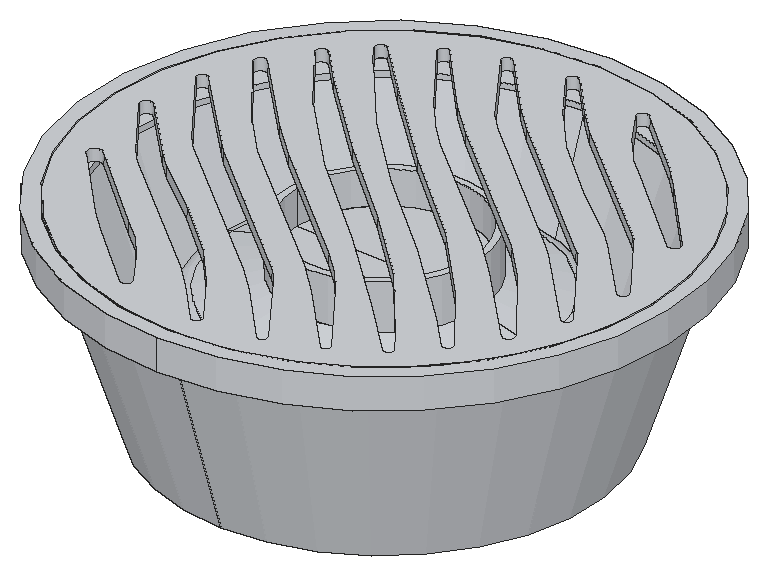
Revit family "Ralo_Conico", category Plumbing Fixtures, host Face, Revit 2025
Family settings
  Host = Face
  Round Connector Dimension = Use Radius
  Part Type = Normal
  Enable Cutting in Views = No
  Cut with Voids When Loaded = No
  Maintain Annotation Orientation = No
  Shared = No
  Room Calculation Point = No
Parameters (values of type "Branco c/ grelha branca - 100 x 40")
  URL = "http://www.tigre.com.br"
  Type Comments = ""
  Tigre: Marcador [instance] = "00"
  Tigre: Código com Separador [instance] = "27.25.882.4"
  Prolongamento [instance] = none
  Manufacturer = Tigre: Fabricante  # "© Tigre S/A"
  Grelha = yes
  Distância do Prolongador [instance] = 0.00 mm
  Tigre: Sistema = "Esgoto"  # constant formula
  Tigre: Norma = ""
  Tigre: Material = "Branco"
  Tigre: Link do Produto = "http://www.tigre.com.br/pt/produtos_unico.php?rcr_id=4&cpr_id=10&cpr_id_pai=4&lnh_id=11&prd_id=152"
  Tigre: Linha = "Caixas e Ralos"  # constant formula
  Tigre: Fabricante = "© Tigre S/A"  # constant formula
  Tigre: Descrição = "Ralo Cônico Montado - Branco c/ grelha branca 100 x 40mm, Esgoto - TIGRE"
  Tigre: Código = 27258824
  Tigre: Comentários [instance] = ""
  Raio Nominal = Diâmetro Nominal / 2  # 20.00 mm
  Raio 1 = 21.60 mm
  Prolongador [instance] = Distância do Prolongador > 0.00 mm  # no
  Model = ""
  Grelhas [instance] = none
  Diâmetro Nominal = 40.00 mm
  Description = Tigre: Descrição  # "Ralo Cônico Montado - Branco c/ grelha branca 100 x 40mm, Esgoto - TIGRE"
  Default Elevation = 0.00 mm
  Cota D2 = 51.50 mm
  Cota D1 = 48.75 mm
  Cota B = 18.50 mm
  Cota A = 37.00 mm
  Comprimento do Tubo [instance] = if(Distância do Prolongador > 0.00 mm, Distância do Prolongador, Distância do Prolongador + 1.00 mm)  # 1.00 mm
  Caixas e Ralos [instance] = none
Types (5, lengths in mm): name | Tigre: Código com Separador | Grelha | Tigre: Material | Tigre: Link do Produto | Tigre: Descrição | Tigre: Código | Description
  (no name) | "27.25.882.4" | yes | "Branco" | "http://www.tigre.com.br/pt/produtos_unico.php?rcr_id=4&cpr_id=10&cpr_id_pai=4&lnh_id=11&prd_id=152" | "Ralo Cônico Montado - Branco c/ grelha branca 100 x 40mm, Esgoto - TIGRE" | 27258824 | "Ralo Cônico Montado - Branco c/ grelha branca 100 x 40mm, Esgoto - TIGRE"
  Branco c/ grelha branca - 100 x 40 | "27.25.882.4" | yes | "Branco" | "http://www.tigre.com.br/pt/produtos_unico.php?rcr_id=4&cpr_id=10&cpr_id_pai=4&lnh_id=11&prd_id=152" | "Ralo Cônico Montado - Branco c/ grelha branca 100 x 40mm, Esgoto - TIGRE" | 27258824 | "Ralo Cônico Montado - Branco c/ grelha branca 100 x 40mm, Esgoto - TIGRE"
  Prata c/ grelha alumínio - 100 x 40 | "27.25.886.7" | yes | "Prata/Alumínio" | "http://www.tigre.com.br/pt/produtos_unico.php?rcr_id=4&cpr_id=10&cpr_id_pai=4&lnh_id=11&prd_id=152" | "Ralo Cônico Montado - Prata c/ grelha alumínio 100 x 40mm, Esgoto - TIGRE" | 27258867 | "Ralo Cônico Montado - Prata c/ grelha alumínio 100 x 40mm, Esgoto - TIGRE"
  Corpo Branco - 100 x 40 | "27.25.879.4" | no | "Branco" | "http://www.tigre.com.br/pt/produtos_unico.php?rcr_id=4&cpr_id=10&cpr_id_pai=4&lnh_id=11&prd_id=134" | "Corpo Ralo Sifonado Cônico - Branco 100 x 40mm, Esgoto - TIGRE" | 27258794 | "Corpo Ralo Sifonado Cônico - Branco 100 x 40mm, Esgoto - TIGRE"
  Corpo Prata - 100 x 40 | "27.25.881.6" | no | "Prata" | "http://www.tigre.com.br/pt/produtos_unico.php?rcr_id=4&cpr_id=10&cpr_id_pai=4&lnh_id=11&prd_id=134" | "Corpo Ralo Sifonado Cônico - Prata 100 x 40mm, Esgoto - TIGRE" | 27258816 | "Corpo Ralo Sifonado Cônico - Prata 100 x 40mm, Esgoto - TIGRE"
Reference planes
  plane 1 "Center (Front/Back)": y = 0
  plane 2: z = 0
  plane 3 "Center (Left/Right)": x = 0
  plane 4: z = -37
  plane 5: z = 0
  plane 6: z = -18.5
  plane 7: z = 0
  plane 8 "Base": z = -4.5
Forms (mm)
  Sweep 1, solid, material <- "Caixas e Ralos", detail levels fine
    path origin (0, 0, 0) x (1, 0, 0) y (0, 0, 1)
      loop
        line (0, 0) -> (0, -5.5)
    profile origin (0, 0, -2.75) x (0, -1, 0) y (1, 0, 0)
      loop
        circle (0, 0) r 48.75
      loop
        circle (0, 0) r 51.5
  Sweep 2, solid, material <- "Caixas e Ralos", detail levels fine
    path origin (0, 0, 0) x (1, 0, 0) y (0, 0, 1)
      loop
        line (0, -4.5) -> (0, -5.5)
    profile origin (0, 0, -5) x (0, -1, 0) y (1, 0, 0)
      loop
        circle (0, 0) r 48.75
      loop
        circle (0, 0) r 45
  SweptBlend 3, solid, material <- "Caixas e Ralos", detail levels fine
    path origin (0, 0, 0) x (1, 0, 0) y (0, 0, 1)
      loop
        line (0, -5.5) -> (0, -37)
    profile origin (0, 0, -5.5) x (0, -1, 0) y (1, 0, 0)
      loop
        circle (0, 0) r 47.454
    end profile origin (0, 0, -37) x (0, -1, 0) y (1, 0, 0)
      loop
        circle (0, 0) r 37.061
  SweptBlend 4, void
    path origin (0, 0, 0) x (1, 0, 0) y (0, 0, 1)
      loop
        line (0, -5.5) -> (0, -35)
    profile origin (0, 0, -5.5) x (0, -1, 0) y (1, 0, 0)
      loop
        circle (0, 0) r 45
    end profile origin (0, 0, -35) x (0, -1, 0) y (1, 0, 0)
      loop
        circle (0, 0) r 34.301
  Revolve 5, solid, material <- "Caixas e Ralos", detail levels fine
    sketch origin (0, 0, 0) x (1, 0, 0) y (0, 0, 1)
      loop
        line (0, -10) -> (-15.832, -10) -> (-15.832, -11.991) -> (-17.03, -11.991) -> (-27.32, -14.748)
        arc (-27.32, -14.748) -> (-29.993, -16.534) -> (-31.026, -19.578) r 5
        line (-31.026, -19.578) -> (-31.026, -35) -> (0, -35) -> (0, -10)
      axis (0, -10) -> (0, -35)
    angle from 0 to 360
  Revolve 6, void
    sketch origin (0, 0, 0) x (1, 0, 0) y (0, 0, 1)
      loop
        line (0, -37) -> (0, -19) -> (-19.194, -19) -> (-19.194, -20) -> (-20.059, -20) -> (-20.059, -28.5) -> (-22.564, -28.5) -> (-22.564, -37) -> (0, -37)
      axis (0, -19) -> (0, -37)
    angle from 0 to 360
  Sweep 7, solid, material <- "Caixas e Ralos", detail levels fine
    path origin (0, 0, 0) x (1, 0, 0) y (0, 0, 1)
      loop
        line (0, -11.991) -> (0, -4)
    profile origin (0, 0, -7.996) x (-1, 0, 0) y (0, -1, 0)
      loop
        circle (0, 0) r 17.03
      loop
        circle (0, 0) r 15.832
  Sweep 8, solid, material <- "Caixas e Ralos", visible <- "Prolongador", detail levels fine
    path origin (0, 0, -50) x (1, 0, 0) y (0, 0, 1)
      loop
        line (0, 50) -> (0, 44.5)
    profile origin (0, 0, -2.75) x (0, -1, 0) y (1, 0, 0)
      loop
        circle (0, 0) r 48.75
      loop
        circle (0, 0) r 51.5
  Sweep 9, solid, material <- "Caixas e Ralos", visible <- "Prolongador", detail levels fine
    path origin (0, 0, -50) x (1, 0, 0) y (0, 0, 1)
      loop
        line (0, 45.5) -> (0, 44.5)
    profile origin (0, 0, -5) x (0, -1, 0) y (1, 0, 0)
      loop
        circle (0, 0) r 48.75
      loop
        circle (0, 0) r 45
  Extrusion 10, solid, material <- "Grelhas", visible <- "Grelha", detail levels fine
    sketch origin (0, 0, 0) x (1, 0, 0) y (0, 1, 0)
      loop
        arc (14.498, 41.971) -> (13.122, 41.959) -> (12.966, 40.591) r 1.039
        line (12.966, 40.591) -> (17.155, 34.609)
        arc (17.155, 34.609) -> (20.381, 30.764) -> (24.226, 27.538) r 28.794
        arc (24.226, 27.538) -> (32.154, 21.349) -> (39.398, 14.373) r 96.922
        arc (39.398, 14.373) -> (41.152, 14.314) -> (41.212, 16.068) r 1.241
        line (41.212, 16.068) -> (29.737, 28.373)
        arc (29.737, 28.373) -> (27.964, 30.178) -> (26.098, 31.888) r 48.331
        line (26.098, 31.888) -> (14.498, 41.971)
      loop
        arc (0.048, 44.046) -> (-1.264, 44.135) -> (-1.44, 42.832) r 0.962
        arc (-1.44, 42.832) -> (1.576, 38.639) -> (4.631, 34.475) r 542.781
        arc (4.631, 34.475) -> (7.451, 30.992) -> (10.559, 27.764) r 52.299
        arc (10.559, 27.764) -> (15.445, 23.33) -> (20.543, 19.141) r 134.146
        line (20.543, 19.141) -> (30.086, 11.685)
        arc (30.086, 11.685) -> (31.543, 10.462) -> (32.912, 9.14) r 27.259
        line (32.912, 9.14) -> (42.654, -0.948)
        arc (42.654, -0.948) -> (44.058, -1.017) -> (44.215, 0.38) r 1.027
        line (44.215, 0.38) -> (35.984, 11.401)
        arc (35.984, 11.401) -> (34.868, 12.727) -> (33.608, 13.916) r 15
        line (33.608, 13.916) -> (10.653, 33.178)
        arc (10.653, 33.178) -> (8.552, 35.053) -> (6.569, 37.053) r 46.107
        line (6.569, 37.053) -> (0.048, 44.046)
      loop
        arc (-10.593, 42.459) -> (-11.852, 42.541) -> (-12.012, 41.289) r 0.921
        line (-12.012, 41.289) -> (-2.641, 28.392)
        arc (-2.641, 28.392) -> (-1.383, 26.865) -> (0.053, 25.503) r 16.207
        line (0.053, 25.503) -> (26.307, 3.473)
        arc (26.307, 3.473) -> (27.253, 2.636) -> (28.155, 1.75) r 24.143
        line (28.155, 1.75) -> (41.207, -11.766)
        arc (41.207, -11.766) -> (42.497, -11.829) -> (42.642, -10.545) r 0.944
        line (42.642, -10.545) -> (32.074, 3.606)
        arc (32.074, 3.606) -> (31.234, 4.604) -> (30.285, 5.499) r 11.29
        line (30.285, 5.499) -> (3.161, 28.259)
        arc (3.161, 28.259) -> (0.871, 30.303) -> (-1.29, 32.482) r 50.253
        line (-1.29, 32.482) -> (-10.593, 42.459)
      loop
        arc (-19.345, 38.969) -> (-20.553, 39.045) -> (-20.694, 37.843) r 0.88
        line (-20.694, 37.843) -> (-11.188, 25.114)
        arc (-11.188, 25.114) -> (-7.559, 20.799) -> (-3.456, 16.931) r 48.8
        line (-3.456, 16.931) -> (18.798, -1.743)
        arc (18.798, -1.743) -> (21.966, -4.545) -> (24.983, -7.51) r 80.789
        line (24.983, -7.51) -> (37.688, -20.666)
        arc (37.688, -20.666) -> (39.16, -20.73) -> (39.301, -19.264) r 1.07
        line (39.301, -19.264) -> (28.607, -5.576)
        arc (28.607, -5.576) -> (25.802, -2.349) -> (22.675, 0.567) r 40.846
        line (22.675, 0.567) -> (-2.965, 22.081)
        arc (-2.965, 22.081) -> (-5.79, 24.603) -> (-8.456, 27.292) r 61.998
        line (-8.456, 27.292) -> (-19.345, 38.969)
      loop
        arc (-26.808, 34.281) -> (-28.11, 34.328) -> (-28.251, 33.033) r 0.956
        line (-28.251, 33.033) -> (-25.728, 29.655)
        arc (-25.728, 29.655) -> (-14.704, 16.432) -> (-2.334, 4.459) r 161.164
        line (-2.334, 4.459) -> (12.673, -8.585)
        arc (12.673, -8.585) -> (20.064, -15.299) -> (27.155, -22.329) r 228.86
        line (27.155, -22.329) -> (32.682, -28.052)
        arc (32.682, -28.052) -> (34.048, -28.111) -> (34.18, -26.75) r 0.994
        line (34.18, -26.75) -> (25.107, -15.138)
        arc (25.107, -15.138) -> (19.387, -8.499) -> (13.057, -2.439) r 91.322
        line (13.057, -2.439) -> (-3.394, 11.861)
        arc (-3.394, 11.861) -> (-10.881, 18.603) -> (-18.129, 25.602) r 288.662
        line (-18.129, 25.602) -> (-26.808, 34.281)
      loop
        arc (-14.379, -41.961) -> (-13.002, -41.949) -> (-12.846, -40.581) r 1.039
        line (-12.846, -40.581) -> (-17.035, -34.599)
        arc (-17.035, -34.599) -> (-20.261, -30.754) -> (-24.106, -27.528) r 28.794
        arc (-24.106, -27.528) -> (-32.034, -21.34) -> (-39.278, -14.363) r 96.922
        arc (-39.278, -14.363) -> (-41.032, -14.304) -> (-41.093, -16.058) r 1.241
        line (-41.093, -16.058) -> (-29.617, -28.364)
        arc (-29.617, -28.364) -> (-27.844, -30.168) -> (-25.978, -31.878) r 48.331
        line (-25.978, -31.878) -> (-14.379, -41.961)
      loop
        arc (0.072, -44.036) -> (1.384, -44.125) -> (1.559, -42.822) r 0.962
        arc (1.559, -42.822) -> (-1.456, -38.629) -> (-4.512, -34.465) r 542.781
        arc (-4.512, -34.465) -> (-7.332, -30.983) -> (-10.439, -27.754) r 52.299
        arc (-10.439, -27.754) -> (-15.325, -23.32) -> (-20.423, -19.131) r 134.146
        line (-20.423, -19.131) -> (-29.966, -11.675)
        arc (-29.966, -11.675) -> (-31.423, -10.452) -> (-32.792, -9.13) r 27.259
        line (-32.792, -9.13) -> (-42.534, 0.958)
        arc (-42.534, 0.958) -> (-43.938, 1.027) -> (-44.095, -0.37) r 1.027
        line (-44.095, -0.37) -> (-35.864, -11.391)
        arc (-35.864, -11.391) -> (-34.749, -12.717) -> (-33.488, -13.906) r 15
        line (-33.488, -13.906) -> (-10.533, -33.168)
        arc (-10.533, -33.168) -> (-8.432, -35.043) -> (-6.449, -37.043) r 46.107
        line (-6.449, -37.043) -> (0.072, -44.036)
      loop
        arc (10.713, -42.449) -> (11.972, -42.531) -> (12.132, -41.279) r 0.921
        line (12.132, -41.279) -> (2.761, -28.382)
        arc (2.761, -28.382) -> (1.502, -26.855) -> (0.067, -25.493) r 16.207
        line (0.067, -25.493) -> (-26.187, -3.463)
        arc (-26.187, -3.463) -> (-27.133, -2.626) -> (-28.035, -1.74) r 24.143
        line (-28.035, -1.74) -> (-41.087, 11.776)
        arc (-41.087, 11.776) -> (-42.378, 11.839) -> (-42.522, 10.555) r 0.944
        line (-42.522, 10.555) -> (-31.954, -3.596)
        arc (-31.954, -3.596) -> (-31.114, -4.594) -> (-30.165, -5.489) r 11.29
        line (-30.165, -5.489) -> (-3.041, -28.249)
        arc (-3.041, -28.249) -> (-0.751, -30.293) -> (1.41, -32.473) r 50.253
        line (1.41, -32.473) -> (10.713, -42.449)
      loop
        arc (19.465, -38.959) -> (20.673, -39.035) -> (20.814, -37.833) r 0.88
        line (20.814, -37.833) -> (11.308, -25.104)
        arc (11.308, -25.104) -> (7.679, -20.789) -> (3.576, -16.922) r 48.8
        line (3.576, -16.922) -> (-18.679, 1.752)
        arc (-18.679, 1.752) -> (-21.846, 4.555) -> (-24.863, 7.52) r 80.789
        line (-24.863, 7.52) -> (-37.568, 20.676)
        arc (-37.568, 20.676) -> (-39.04, 20.74) -> (-39.181, 19.274) r 1.07
        line (-39.181, 19.274) -> (-28.487, 5.586)
        arc (-28.487, 5.586) -> (-25.682, 2.359) -> (-22.555, -0.557) r 40.846
        line (-22.555, -0.557) -> (3.085, -22.071)
        arc (3.085, -22.071) -> (5.91, -24.593) -> (8.576, -27.282) r 61.998
        line (8.576, -27.282) -> (19.465, -38.959)
      loop
        arc (26.928, -34.271) -> (28.23, -34.318) -> (28.37, -33.023) r 0.956
        line (28.37, -33.023) -> (25.848, -29.645)
        arc (25.848, -29.645) -> (14.824, -16.422) -> (2.453, -4.45) r 161.164
        line (2.453, -4.45) -> (-12.553, 8.595)
        arc (-12.553, 8.595) -> (-19.944, 15.309) -> (-27.035, 22.339) r 228.86
        line (-27.035, 22.339) -> (-32.562, 28.061)
        arc (-32.562, 28.061) -> (-33.929, 28.121) -> (-34.06, 26.76) r 0.994
        line (-34.06, 26.76) -> (-24.987, 15.148)
        arc (-24.987, 15.148) -> (-19.267, 8.509) -> (-12.937, 2.449) r 91.322
        line (-12.937, 2.449) -> (3.513, -11.851)
        arc (3.513, -11.851) -> (11.001, -18.593) -> (18.249, -25.592) r 288.662
        line (18.249, -25.592) -> (26.928, -34.271)
      loop
        circle (-0.003, 0.005) r 48.6
    from -2 to 0
Cuts and joins
  SweptBlend 4 cuts Sweep 1
  SweptBlend 4 cuts Sweep 2
  SweptBlend 4, Revolve 6 cuts SweptBlend 3
  Revolve 6 cuts Revolve 5
  joined: Sweep 1, Sweep 2, SweptBlend 3, Revolve 5, Sweep 7
  joined: Sweep 8, Sweep 9
Lines and regions (mm)
  model lines, detail levels coarse+medium
    curve 1: circle (0, 0, -18.5) r 26.456 normal (0, 0, -1)
    curve 2: line (-26.456, 0, -18.5) -> (26.456, 0, -18.5)
    curve 3: line (0, 26.456, -18.5) -> (0, -26.456, -18.5)
Dimensions and locks
  "Cota A": plane 5 to plane 4
  "Cota B": plane 6 to plane 4
  Sweep 7 sketch curve to Sweep 7 sketch curve to plane 6 = 7.991 mm locked, 6.509 mm locked
  locked: SweptBlend 3 sketch curve to plane 6 at 13
  locked: SweptBlend 4 sketch curve to plane 6 at 13
  locked: SweptBlend 4 sketch curve to plane 4 at 2
  locked: Revolve 5 sketch curve to plane 4 at 27
  locked: level to Sweep 1 sketch curve at 5.5
  locked: plane 5 to Sweep 8 sketch curve at 5.5
  plane 5 to Sweep 9 sketch curve to Sweep 9 sketch curve = 4.50 mm locked, 1.00 mm locked
  "Distância do Prolongador": plane 7 to plane 5
  "Cota D1": radius of Sweep 1 sketch curve
  "Cota D2": radius of Sweep 1 sketch curve
  "Cota D1": radius of Sweep 8 sketch curve
  "Cota D2": radius of Sweep 8 sketch curve
  aligned and locked: plane 2 to host face
  aligned and locked: level to host face
  aligned and locked: plane 3 "Center (Left/Right)" to Sweep 1 sketch curve
  aligned and locked: Sweep 1 to Sweep 2 sketch curve
  aligned and locked: Sweep 2 sketch curve to Sweep 1  (x2)
  aligned and locked: plane 4 to SweptBlend 3 sketch curve
  aligned and locked: SweptBlend 4 sketch curve to plane 3 "Center (Left/Right)"
  aligned and locked: SweptBlend 4 sketch curve to Sweep 2  (x2)
  aligned and locked: Revolve 6 sketch curve to plane 4
  aligned and locked: plane 3 "Center (Left/Right)" to Revolve 6 sketch curve
  aligned and locked: Revolve 5 sketch curve to cut or joined group of Sweep 1, Sweep 2, SweptBlend 3, SweptBlend 4, Revolve 5, Revolve 6, Sweep 7
  aligned and locked: level to Sweep 1 sketch curve
  aligned and locked: plane 5 to Sweep 8 sketch curve
  aligned and locked: Sweep 9 sketch curve to plane 3 "Center (Left/Right)"
  aligned and locked: level to plane 7
  aligned and locked: plane 3 "Center (Left/Right)" to nested 1
  aligned and locked: plane 1 "Center (Front/Back)" to nested 1
Automatic sketch dimensions
  host sketch curve to host sketch curve = 131.952 mm
  host sketch curve to host sketch curve = 129.097 mm
  Sweep 1 sketch curve to Sweep 1 sketch curve = 0.00 mm  (x2)
  plane 1 "Center (Front/Back)" to Sweep 1 sketch curve = 0.00 mm
  Sweep 1 sketch curve to profile plane = 0.00 mm
  Sweep 2 sketch curve to plane 3 "Center (Left/Right)" = 0.00 mm
  Sweep 2 sketch curve to Sweep 2 sketch curve = 1.00 mm
  Sweep 2 sketch curve to Sweep 2 sketch curve = 0.00 mm  (x2)
  SweptBlend 3 sketch curve to plane 3 "Center (Left/Right)" = 0.00 mm
  plane 1 "Center (Front/Back)" to SweptBlend 3 sketch curve = 0.00 mm  (x2)
  SweptBlend 3 sketch curve to profile plane = 0.00 mm  (x2)
  plane 1 "Center (Front/Back)" to SweptBlend 4 sketch curve = 0.00 mm
  SweptBlend 4 sketch curve to profile plane = 0.00 mm
  Revolve 5 sketch curve to plane 3 "Center (Left/Right)" = 0.00 mm  (x2)
  Revolve 5 sketch curve to Revolve 5 sketch curve = 15.832 mm
  Revolve 5 sketch curve to Revolve 5 sketch curve = 1.198 mm
  plane 6 to Revolve 5 sketch curve = 1.078 mm
  Revolve 5 sketch curve to Revolve 5 sketch curve = 8.996 mm
  Revolve 5 sketch curve to plane 6 = 3.752 mm
  Revolve 5 sketch curve to Revolve 5 sketch curve = 1.294 mm
  Revolve 5 sketch curve to plane 4 = 3.00 mm
  Revolve 5 sketch curve to Revolve 5 sketch curve = 0.00 mm
  Revolve 5 sketch curve to Revolve 5 sketch curve = 1.991 mm
  Revolve 6 sketch curve to plane 3 "Center (Left/Right)" = 0.00 mm
  Revolve 6 sketch curve to plane 4 = 0.00 mm
  plane 6 to Revolve 6 sketch curve = 1.50 mm
  Revolve 6 sketch curve to plane 3 "Center (Left/Right)" = 19.194 mm
  Revolve 6 sketch curve to Revolve 6 sketch curve = 0.866 mm
  Revolve 6 sketch curve to Revolve 6 sketch curve = 2.504 mm
  Revolve 6 sketch curve to Revolve 6 sketch curve = 3.121 mm
  Revolve 6 sketch curve to Revolve 6 sketch curve = 8.50 mm
  plane 6 to Revolve 6 sketch curve = 0.50 mm
  Sweep 7 sketch curve to plane 3 "Center (Left/Right)" = 0.00 mm
  Sweep 7 sketch curve to Sweep 7 sketch curve = 0.00 mm  (x2)
  plane 1 "Center (Front/Back)" to Sweep 7 sketch curve = 0.00 mm
  Sweep 7 sketch curve to profile plane = 0.00 mm
  curve 3 to plane 3 "Center (Left/Right)" = 0.00 mm
  plane 1 "Center (Front/Back)" to curve 2 = 0.00 mm
  plane 1 "Center (Front/Back)" to curve 1 = 0.00 mm
  curve 1 to plane 3 "Center (Left/Right)" = 0.00 mm
  curve 3 to plane 1 "Center (Front/Back)" = 26.456 mm
  Sweep 8 sketch curve to plane 3 "Center (Left/Right)" = 0.00 mm
  Sweep 8 sketch curve to Sweep 8 sketch curve = 0.00 mm  (x2)
  plane 1 "Center (Front/Back)" to Sweep 8 sketch curve = 0.00 mm
  Sweep 8 sketch curve to profile plane = 0.00 mm
  Sweep 9 sketch curve to Sweep 9 sketch curve = 0.00 mm  (x6)
  Sweep 9 sketch curve to profile plane = 0.00 mm
  plane 1 "Center (Front/Back)" to Sweep 9 sketch curve = 0.00 mm
  Sweep 9 sketch curve to plane 1 "Center (Front/Back)" = 48.75 mm
  Extrusion 10 sketch curve to plane 3 "Center (Left/Right)" = 440.595 mm
  Extrusion 10 sketch curve to plane 3 "Center (Left/Right)" = 185.866 mm
  Extrusion 10 sketch curve to Extrusion 10 sketch curve = 48.393 mm  (x2)
  Extrusion 10 sketch curve to Extrusion 10 sketch curve = 34.193 mm  (x2)
  Extrusion 10 sketch curve to Extrusion 10 sketch curve = 0.268 mm  (x2)
  Extrusion 10 sketch curve to plane 3 "Center (Left/Right)" = 46.855 mm
  Extrusion 10 sketch curve to Extrusion 10 sketch curve = 0.325 mm  (x2)
  plane 1 "Center (Front/Back)" to Extrusion 10 sketch curve = 0.37 mm
  Extrusion 10 sketch curve to plane 3 "Center (Left/Right)" = 44.095 mm
  Extrusion 10 sketch curve to plane 1 "Center (Front/Back)" = 0.245 mm
  Extrusion 10 sketch curve to Extrusion 10 sketch curve = 0.823 mm
  Extrusion 10 sketch curve to plane 1 "Center (Front/Back)" = 0.958 mm
  Extrusion 10 sketch curve to Extrusion 10 sketch curve = 0.012 mm  (x2)
  Extrusion 10 sketch curve to Extrusion 10 sketch curve = 0.756 mm  (x2)
  plane 1 "Center (Front/Back)" to Extrusion 10 sketch curve = 16.058 mm
  Extrusion 10 sketch curve to Extrusion 10 sketch curve = 3.003 mm
  Extrusion 10 sketch curve to plane 1 "Center (Front/Back)" = 11.776 mm
  Extrusion 10 sketch curve to Extrusion 10 sketch curve = 0.679 mm  (x2)
  Extrusion 10 sketch curve to Extrusion 10 sketch curve = 5.909 mm
  Extrusion 10 sketch curve to Extrusion 10 sketch curve = 0.908 mm  (x2)
  Extrusion 10 sketch curve to Extrusion 10 sketch curve = 6.36 mm  (x2)
  Extrusion 10 sketch curve to Extrusion 10 sketch curve = 0.906 mm  (x2)
  Extrusion 10 sketch curve to Extrusion 10 sketch curve = 0.00 mm  (x10)
  Extrusion 10 sketch curve to Extrusion 10 sketch curve = 1.906 mm  (x2)
  Extrusion 10 sketch curve to Extrusion 10 sketch curve = 0.843 mm  (x2)
  Extrusion 10 sketch curve to Extrusion 10 sketch curve = 0.77 mm  (x2)
  Extrusion 10 sketch curve to Extrusion 10 sketch curve = 3.403 mm  (x2)
  Extrusion 10 sketch curve to Extrusion 10 sketch curve = 3.414 mm  (x2)
  Extrusion 10 sketch curve to Extrusion 10 sketch curve = 1.424 mm  (x2)
  Extrusion 10 sketch curve to Extrusion 10 sketch curve = 3.509 mm  (x2)
  Extrusion 10 sketch curve to Extrusion 10 sketch curve = 2.376 mm  (x2)
  Extrusion 10 sketch curve to Extrusion 10 sketch curve = 0.783 mm  (x2)
  Extrusion 10 sketch curve to Extrusion 10 sketch curve = 2.211 mm  (x2)
  plane 1 "Center (Front/Back)" to Extrusion 10 sketch curve = 9.13 mm
  Extrusion 10 sketch curve to Extrusion 10 sketch curve = 3.072 mm
  Extrusion 10 sketch curve to Extrusion 10 sketch curve = 0.715 mm  (x2)
  Extrusion 10 sketch curve to Extrusion 10 sketch curve = 0.838 mm
  Extrusion 10 sketch curve to Extrusion 10 sketch curve = 9.255 mm  (x2)
  Extrusion 10 sketch curve to Extrusion 10 sketch curve = 1.789 mm  (x2)
  Extrusion 10 sketch curve to Extrusion 10 sketch curve = 2.826 mm  (x2)
  Extrusion 10 sketch curve to Extrusion 10 sketch curve = 3.87 mm
  Extrusion 10 sketch curve to plane 1 "Center (Front/Back)" = 5.586 mm
  Extrusion 10 sketch curve to Extrusion 10 sketch curve = 3.467 mm
  Extrusion 10 sketch curve to Extrusion 10 sketch curve = 4.311 mm  (x2)
  plane 1 "Center (Front/Back)" to Extrusion 10 sketch curve = 1.74 mm
  Extrusion 10 sketch curve to Extrusion 10 sketch curve = 2.13 mm  (x2)
  Extrusion 10 sketch curve to Extrusion 10 sketch curve = 3.575 mm  (x2)
  Extrusion 10 sketch curve to Extrusion 10 sketch curve = 0.766 mm  (x2)
  Extrusion 10 sketch curve to Extrusion 10 sketch curve = 5.526 mm
  Extrusion 10 sketch curve to Extrusion 10 sketch curve = 0.676 mm  (x3)
  Extrusion 10 sketch curve to Extrusion 10 sketch curve = 1.848 mm  (x2)
  Extrusion 10 sketch curve to Extrusion 10 sketch curve = 3.639 mm  (x2)
  Extrusion 10 sketch curve to Extrusion 10 sketch curve = 2.523 mm
  Extrusion 10 sketch curve to Extrusion 10 sketch curve = 2.048 mm
  Extrusion 10 sketch curve to plane 1 "Center (Front/Back)" = 7.52 mm
  Extrusion 10 sketch curve to Extrusion 10 sketch curve = 3.624 mm  (x2)
  Extrusion 10 sketch curve to Extrusion 10 sketch curve = 1.872 mm  (x2)
  Extrusion 10 sketch curve to Extrusion 10 sketch curve = 2.341 mm  (x2)
  Extrusion 10 sketch curve to Extrusion 10 sketch curve = 1.955 mm  (x2)
  plane 1 "Center (Front/Back)" to Extrusion 10 sketch curve = 0.557 mm
  Extrusion 10 sketch curve to Extrusion 10 sketch curve = 1.291 mm  (x2)
  Extrusion 10 sketch curve to Extrusion 10 sketch curve = 6.114 mm
  Extrusion 10 sketch curve to Extrusion 10 sketch curve = 3.683 mm  (x2)
  Extrusion 10 sketch curve to Extrusion 10 sketch curve = 0.705 mm  (x2)
  Extrusion 10 sketch curve to Extrusion 10 sketch curve = 0.644 mm  (x2)
  Extrusion 10 sketch curve to plane 1 "Center (Front/Back)" = 1.752 mm
  Extrusion 10 sketch curve to Extrusion 10 sketch curve = 4.23 mm
  Extrusion 10 sketch curve to Extrusion 10 sketch curve = 7.599 mm  (x2)
  Extrusion 10 sketch curve to Extrusion 10 sketch curve = 8.943 mm
  Extrusion 10 sketch curve to Extrusion 10 sketch curve = 2.656 mm
  Extrusion 10 sketch curve to Extrusion 10 sketch curve = 0.682 mm  (x2)
  Extrusion 10 sketch curve to Extrusion 10 sketch curve = 5.495 mm
  Extrusion 10 sketch curve to plane 1 "Center (Front/Back)" = 2.449 mm
  Extrusion 10 sketch curve to Extrusion 10 sketch curve = 5.741 mm  (x2)
  Extrusion 10 sketch curve to Extrusion 10 sketch curve = 0.851 mm  (x2)
  Extrusion 10 sketch curve to plane 1 "Center (Front/Back)" = 8.595 mm
  Extrusion 10 sketch curve to Extrusion 10 sketch curve = 0.63 mm  (x2)
  Extrusion 10 sketch curve to Extrusion 10 sketch curve = 7.333 mm  (x2)
  Extrusion 10 sketch curve to Extrusion 10 sketch curve = 0.745 mm  (x2)
  Extrusion 10 sketch curve to Extrusion 10 sketch curve = 6.941 mm  (x2)
  Extrusion 10 sketch curve to Extrusion 10 sketch curve = 2.516 mm
  Extrusion 10 sketch curve to Extrusion 10 sketch curve = 0.674 mm  (x2)
  Extrusion 10 sketch curve to Extrusion 10 sketch curve = 6.502 mm  (x2)
  Extrusion 10 sketch curve to Extrusion 10 sketch curve = 0.094 mm
  Extrusion 10 sketch curve to Extrusion 10 sketch curve = 2.495 mm  (x2)
  Extrusion 10 sketch curve to Extrusion 10 sketch curve = 2.732 mm  (x2)
  Extrusion 10 sketch curve to Extrusion 10 sketch curve = 3.902 mm  (x2)
  Extrusion 10 sketch curve to plane 3 "Center (Left/Right)" = 5.61 mm
  Extrusion 10 sketch curve to Extrusion 10 sketch curve = 1.938 mm  (x2)
  Extrusion 10 sketch curve to plane 3 "Center (Left/Right)" = 3.58 mm
  Extrusion 10 sketch curve to plane 3 "Center (Left/Right)" = 3.456 mm
  Extrusion 10 sketch curve to plane 3 "Center (Left/Right)" = 3.394 mm
  Extrusion 10 sketch curve to Extrusion 10 sketch curve = 0.539 mm  (x2)
  Extrusion 10 sketch curve to plane 3 "Center (Left/Right)" = 2.965 mm
  Extrusion 10 sketch curve to plane 3 "Center (Left/Right)" = 2.641 mm
  Extrusion 10 sketch curve to plane 3 "Center (Left/Right)" = 2.334 mm
  Extrusion 10 sketch curve to plane 3 "Center (Left/Right)" = 1.44 mm
  Extrusion 10 sketch curve to plane 3 "Center (Left/Right)" = 1.29 mm
  Extrusion 10 sketch curve to plane 3 "Center (Left/Right)" = 0.656 mm
  Extrusion 10 sketch curve to plane 3 "Center (Left/Right)" = 0.003 mm
  plane 3 "Center (Left/Right)" to Extrusion 10 sketch curve = 0.048 mm
  plane 3 "Center (Left/Right)" to Extrusion 10 sketch curve = 0.053 mm
  plane 3 "Center (Left/Right)" to Extrusion 10 sketch curve = 0.067 mm
  plane 3 "Center (Left/Right)" to Extrusion 10 sketch curve = 0.072 mm
  plane 3 "Center (Left/Right)" to Extrusion 10 sketch curve = 0.776 mm
  plane 3 "Center (Left/Right)" to Extrusion 10 sketch curve = 1.41 mm
  Extrusion 10 sketch curve to Extrusion 10 sketch curve = 0.784 mm  (x2)
  plane 3 "Center (Left/Right)" to Extrusion 10 sketch curve = 2.453 mm
  plane 3 "Center (Left/Right)" to Extrusion 10 sketch curve = 2.761 mm
  plane 3 "Center (Left/Right)" to Extrusion 10 sketch curve = 3.085 mm
  plane 3 "Center (Left/Right)" to Extrusion 10 sketch curve = 3.161 mm
  plane 3 "Center (Left/Right)" to Extrusion 10 sketch curve = 3.513 mm
  plane 3 "Center (Left/Right)" to Extrusion 10 sketch curve = 3.576 mm
  Extrusion 10 sketch curve to Extrusion 10 sketch curve = 0.931 mm
  plane 3 "Center (Left/Right)" to Extrusion 10 sketch curve = 5.73 mm
  Extrusion 10 sketch curve to Extrusion 10 sketch curve = 5.815 mm
  Extrusion 10 sketch curve to Extrusion 10 sketch curve = 7.398 mm
  Extrusion 10 sketch curve to Extrusion 10 sketch curve = 0.182 mm
  Extrusion 10 sketch curve to Extrusion 10 sketch curve = 9.153 mm
  Extrusion 10 sketch curve to Extrusion 10 sketch curve = 7.211 mm
  Extrusion 10 sketch curve to Extrusion 10 sketch curve = 1.885 mm
  plane 1 "Center (Front/Back)" to Extrusion 10 sketch curve = 2.439 mm
  Extrusion 10 sketch curve to Extrusion 10 sketch curve = 0.384 mm
  plane 1 "Center (Front/Back)" to Extrusion 10 sketch curve = 1.743 mm
  Extrusion 10 sketch curve to Extrusion 10 sketch curve = 9.983 mm
  Extrusion 10 sketch curve to plane 1 "Center (Front/Back)" = 0.567 mm
  Extrusion 10 sketch curve to Extrusion 10 sketch curve = 3.877 mm
  Extrusion 10 sketch curve to Extrusion 10 sketch curve = 0.353 mm
  plane 1 "Center (Front/Back)" to Extrusion 10 sketch curve = 7.51 mm
  Extrusion 10 sketch curve to Extrusion 10 sketch curve = 0.124 mm
  Extrusion 10 sketch curve to plane 1 "Center (Front/Back)" = 3.473 mm
  Extrusion 10 sketch curve to Extrusion 10 sketch curve = 1.081 mm
  Extrusion 10 sketch curve to Extrusion 10 sketch curve = 1.308 mm
  Extrusion 10 sketch curve to Extrusion 10 sketch curve = 13.413 mm
  Extrusion 10 sketch curve to plane 1 "Center (Front/Back)" = 1.75 mm
  plane 1 "Center (Front/Back)" to Extrusion 10 sketch curve = 5.576 mm
  Extrusion 10 sketch curve to plane 1 "Center (Front/Back)" = 11.685 mm
  Extrusion 10 sketch curve to Extrusion 10 sketch curve = 3.779 mm
  Extrusion 10 sketch curve to plane 1 "Center (Front/Back)" = 3.606 mm
  Extrusion 10 sketch curve to plane 1 "Center (Front/Back)" = 9.14 mm
  Extrusion 10 sketch curve to Extrusion 10 sketch curve = 5.34 mm
  Extrusion 10 sketch curve to plane 1 "Center (Front/Back)" = 13.916 mm
  Extrusion 10 sketch curve to Extrusion 10 sketch curve = 3.522 mm
  plane 1 "Center (Front/Back)" to Extrusion 10 sketch curve = 19.264 mm
  plane 1 "Center (Front/Back)" to Extrusion 10 sketch curve = 11.766 mm
  Extrusion 10 sketch curve to plane 1 "Center (Front/Back)" = 16.068 mm
  plane 1 "Center (Front/Back)" to Extrusion 10 sketch curve = 0.948 mm
  plane 1 "Center (Front/Back)" to Extrusion 10 sketch curve = 0.235 mm
  Extrusion 10 sketch curve to Extrusion 10 sketch curve = 0.739 mm
  Extrusion 10 sketch curve to plane 1 "Center (Front/Back)" = 0.38 mm
  Extrusion 10 sketch curve to Extrusion 10 sketch curve = 56.155 mm
  Extrusion 10 sketch curve to Extrusion 10 sketch curve = 254.729 mm
  Extrusion 10 sketch curve to Extrusion 10 sketch curve = 1.974 mm
  Extrusion 10 sketch curve to Extrusion 10 sketch curve = 3.114 mm
  Extrusion 10 sketch curve to Extrusion 10 sketch curve = 1.743 mm
  Extrusion 10 sketch curve to Extrusion 10 sketch curve = 2.819 mm
  Extrusion 10 sketch curve to Extrusion 10 sketch curve = 5.756 mm
  Extrusion 10 sketch curve to Extrusion 10 sketch curve = 53.478 mm
  Extrusion 10 sketch curve to Extrusion 10 sketch curve = 1.242 mm
  Extrusion 10 sketch curve to Extrusion 10 sketch curve = 55.227 mm
  Extrusion 10 sketch curve to Extrusion 10 sketch curve = 48.399 mm
  Extrusion 10 sketch curve to Extrusion 10 sketch curve = 9.326 mm
  Extrusion 10 sketch curve to Extrusion 10 sketch curve = 2.448 mm
  Extrusion 10 sketch curve to Extrusion 10 sketch curve = 0.742 mm
  Extrusion 10 sketch curve to Extrusion 10 sketch curve = 0.374 mm
  Extrusion 10 sketch curve to Extrusion 10 sketch curve = 7.362 mm
  Extrusion 10 sketch curve to Extrusion 10 sketch curve = 0.628 mm
  Extrusion 10 sketch curve to Extrusion 10 sketch curve = 2.32 mm  (x2)
  Extrusion 10 sketch curve to Extrusion 10 sketch curve = 0.60 mm
  Extrusion 10 sketch curve to Extrusion 10 sketch curve = 2.673 mm  (x2)
  Extrusion 10 sketch curve to Extrusion 10 sketch curve = 2.577 mm  (x2)
  Extrusion 10 sketch curve to Extrusion 10 sketch curve = 3.561 mm  (x2)
  Extrusion 10 sketch curve to Extrusion 10 sketch curve = 1.749 mm
  Extrusion 10 sketch curve to Extrusion 10 sketch curve = 4.35 mm
  Extrusion 10 sketch curve to Extrusion 10 sketch curve = 3.378 mm  (x2)
  Extrusion 10 sketch curve to Extrusion 10 sketch curve = 4.091 mm  (x2)
  Extrusion 10 sketch curve to Extrusion 10 sketch curve = 3.514 mm
  Extrusion 10 sketch curve to Extrusion 10 sketch curve = 4.972 mm
  Extrusion 10 sketch curve to Extrusion 10 sketch curve = 0.69 mm
  Extrusion 10 sketch curve to Extrusion 10 sketch curve = 1.10 mm
  Extrusion 10 sketch curve to Extrusion 10 sketch curve = 4.053 mm
  Extrusion 10 sketch curve to Extrusion 10 sketch curve = 2.178 mm  (x2)
  Extrusion 10 sketch curve to Extrusion 10 sketch curve = 7.316 mm
  Extrusion 10 sketch curve to Extrusion 10 sketch curve = 1.402 mm
  Extrusion 10 sketch curve to Extrusion 10 sketch curve = 4.776 mm
  Extrusion 10 sketch curve to Extrusion 10 sketch curve = 2.545 mm
  Extrusion 10 sketch curve to Extrusion 10 sketch curve = 2.515 mm
  Extrusion 10 sketch curve to Extrusion 10 sketch curve = 0.656 mm
  Extrusion 10 sketch curve to Extrusion 10 sketch curve = 3.749 mm
  plane 1 "Center (Front/Back)" to Extrusion 10 sketch curve = 4.589 mm
  Extrusion 10 sketch curve to Extrusion 10 sketch curve = 1.893 mm
  Extrusion 10 sketch curve to Extrusion 10 sketch curve = 1.723 mm
  plane 1 "Center (Front/Back)" to Extrusion 10 sketch curve = 3.149 mm
  Extrusion 10 sketch curve to plane 1 "Center (Front/Back)" = 0.005 mm
  Extrusion 10 sketch curve to Extrusion 10 sketch curve = 1.859 mm
  Extrusion 10 sketch curve to plane 1 "Center (Front/Back)" = 4.459 mm
  Extrusion 10 sketch curve to Extrusion 10 sketch curve = 1.221 mm
  Extrusion 10 sketch curve to Extrusion 10 sketch curve = 7.401 mm
  Extrusion 10 sketch curve to Extrusion 10 sketch curve = 7.628 mm
  Extrusion 10 sketch curve to Extrusion 10 sketch curve = 5.071 mm
  Extrusion 10 sketch curve to Extrusion 10 sketch curve = 8.397 mm
  Extrusion 10 sketch curve to Extrusion 10 sketch curve = 7.498 mm
  Extrusion 10 sketch curve to Extrusion 10 sketch curve = 0.659 mm
  Extrusion 10 sketch curve to Extrusion 10 sketch curve = 5.15 mm
  Extrusion 10 sketch curve to Extrusion 10 sketch curve = 7.191 mm
  Extrusion 10 sketch curve to Extrusion 10 sketch curve = 3.032 mm
  Extrusion 10 sketch curve to Extrusion 10 sketch curve = 3.421 mm
  Extrusion 10 sketch curve to Extrusion 10 sketch curve = 0.488 mm
  Extrusion 10 sketch curve to Extrusion 10 sketch curve = 6.083 mm
  Extrusion 10 sketch curve to Extrusion 10 sketch curve = 0.612 mm
  Extrusion 10 sketch curve to Extrusion 10 sketch curve = 2.97 mm
  Extrusion 10 sketch curve to Extrusion 10 sketch curve = 2.475 mm
  Extrusion 10 sketch curve to Extrusion 10 sketch curve = 0.836 mm
  Extrusion 10 sketch curve to Extrusion 10 sketch curve = 2.889 mm
  Extrusion 10 sketch curve to Extrusion 10 sketch curve = 1.593 mm
  Extrusion 10 sketch curve to Extrusion 10 sketch curve = 4.741 mm
  Extrusion 10 sketch curve to Extrusion 10 sketch curve = 0.572 mm
  Extrusion 10 sketch curve to Extrusion 10 sketch curve = 0.527 mm
  Extrusion 10 sketch curve to Extrusion 10 sketch curve = 0.596 mm
  Extrusion 10 sketch curve to Extrusion 10 sketch curve = 0.541 mm
  radius of Sweep 2 sketch curve = 45.00 mm
  radius of SweptBlend 3 sketch curve = 47.454 mm
  radius of SweptBlend 3 sketch curve = 37.061 mm
  radius of SweptBlend 4 sketch curve = 34.301 mm
  radius of Sweep 7 sketch curve = 17.03 mm
  radius of Sweep 7 sketch curve = 15.832 mm
  radius of Sweep 9 sketch curve = 45.00 mm
  radius of Extrusion 10 sketch curve = 48.60 mm
Nested families
  nested 1: "Prolongamento para Caixa Sifonada - Caixas e Ralos - Esgoto - MEP - Tigre" at (0, 0, -4.5), Comprimento do Tubo <- "Comprimento do Tubo", Tigre: Comentários <- "Tigre: Comentários", Tigre: Marcador <- "Tigre: Marcador", visible <- "Prolongador", Acabamento <- "Prolongamento", type "100 x 100 mm"
    with Tigre: Marcador "00", Tigre: Código com Separador "27.30.748.5", Tigre: Código 27307485, Tigre: Comentários "", Comprimento do Tubo 1.00 mm, Acabamento none
Connectors
  piping at (0, 0, -19), diameter 40, driven by "Raio Nominal"
    settings: on Revolve 6, index 1, connector inside diameter 40.00 mm, connector length 0.00 mm, flow factor 0, pipe flow 0 GPM, pressure drop 0.00 psi, fitting loss kfactor 0, connector angle 0.00°, fixture units 0, engagement length 0.00 mm, angle of deflection 0.00°, flow configuration 0, flow direction 2, fitting loss method 0, system type 16, joint type 0, gender type 0, connector reference index -1, connector utility 1, adjustable connector yes, is connector primary yes, connector description ""
Definition of nested family "Prolongamento para Caixa Sifonada - Caixas e Ralos - Esgoto - MEP - Tigre"
  Parameters
    Unifilar = Diâmetro Nominal * 0.4  # 40.00 mm
    URL = "http://www.tigre.com.br"
    Type Comments = ""
    Tigre: Sistema = "Esgoto"  # constant formula
    Tigre: Norma = ""
    Tigre: Material = "PVC Branco"  # constant formula
    Tigre: Marcador [instance] = "00"
    Tigre: Link do Produto = "http://www.tigre.com.br/pt/produtos_unico.php?rcr_id=4&cpr_id=10&cpr_id_pai=4&lnh_id=11&prd_id=150"
    Tigre: Linha = "Caixas e Ralos"  # constant formula
    Tigre: Fabricante = "© Tigre S/A"  # constant formula
    Tigre: Descrição = "Prolongamento p/ Caixa Sifonada 100 x 100mm, Esgoto - TIGRE"
    Tigre: Código com Separador [instance] = "27.30.748.5"
    Tigre: Código [instance] = 27307485
    Tigre: Comentários [instance] = ""
    Raio Nominal = 50.00 mm
    Raio Externo = 48.40 mm
    Raio Interno = 0.98 * Raio Externo  # 47.432 mm
    Model = ""
    Manufacturer = Tigre: Fabricante  # "© Tigre S/A"
    Diâmetro Nominal = Raio Nominal * 2  # 100.00 mm
    Description = Tigre: Descrição  # "Prolongamento p/ Caixa Sifonada 100 x 100mm, Esgoto - TIGRE"
    Default Elevation = 0.00 mm
    Comprimento do Tubo [instance] = 100.00 mm
    Acabamento [instance] = none
  Reference planes
    plane 1 "Center (Front/Back)": y = 0
    plane 2: z = 0
    plane 3 "Center (Left/Right)": x = 0
    plane 4: z = -100
    plane 5: z = 0
  Forms (mm)
    Sweep 1, solid, material <- "Acabamento", detail levels fine
      path origin (0, 0, 0) x (0, 0, -1) y (0, 1, 0)
        loop
          line (0, 0) -> (100, 0)
      profile origin (0, 0, -50) x (1, 0, 0) y (0, 1, 0)
        loop
          circle (0, 0) r 47.432
        loop
          circle (0, 0) r 48.4
  Dimensions and locks
    "Comprimento do Tubo": plane 5 to plane 4
    "Raio Externo": radius of Sweep 1 sketch curve
    "Raio Interno": radius of Sweep 1 sketch curve
    aligned and locked: plane 1 "Center (Front/Back)" to Sweep 1 sketch curve
    aligned and locked: level to Sweep 1 sketch curve
    aligned and locked: plane 4 to Sweep 1 sketch curve
  Automatic sketch dimensions
    Sweep 1 sketch curve to Sweep 1 sketch curve = 0.00 mm  (x2)
    Sweep 1 sketch curve to profile plane = 0.00 mm  (x2)
